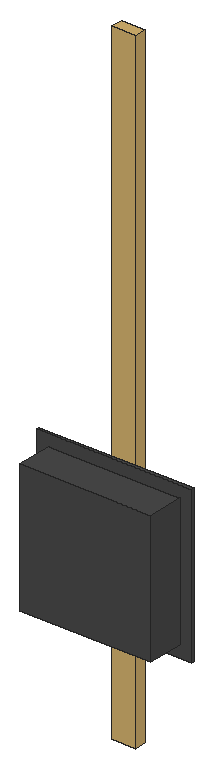
Revit family "3-50-xxxx - Zora Sconce", category Lighting Fixtures, host Wall, Revit 2018
Family settings
  Host = Wall
  Round Connector Dimension = Use Diameter
  Part Type = Normal
  OmniClass Number = 23.80.70.00
  OmniClass Title = Lighting
  Always vertical = Yes
  Cut with Voids When Loaded = No
  Light Source = Yes
  Shared = No
  Room Calculation Point = No
Parameters (values of type "3-50-1550 / Black - Indrustrial Brass")
  Wattage Comments = "1 x 12.5w at 120"  # constant formula
  Wattage = 9.2903 W
  built-in parameter 1150110 = 1 (stored number, unit not read)
  Voltage Input = "120 V or 277 V - 50/60 Hz"  # constant formula
  Voltage = 120 V
  URL = "www.oxygenlighting.com"
  built-in parameter 1114217 = 1 (stored number, unit not read)
  built-in parameter 1150109 = 1 (stored number, unit not read)
  built-in parameter 1150134 = (empty or 0)
  built-in parameter 1150113 = 1 (stored number, unit not read)
  References = "Ref. 3 = 120 V / Ref. 37 = 277 V"  # constant formula
  Model = "3-50-xxxx / Zora Sconce"  # constant formula
  Metal Finish 2 = 15 - Black
  Metal Finish 1 = 50 - Industrial Brass
  Manufacturer = "Oxygen - Lighting & Fans"  # constant formula
  Lumens = 1380 lm
  built-in parameter 1150115 = 1 (stored number, unit not read)
  built-in parameter 1150105 = 109.82 (stored number, unit not read)
  Light Source Symbol Size = 24"
  built-in parameter 1150137 = (empty or 0)
  built-in parameter 1150139 = (empty or 0)
  built-in parameter 1150112 = 1 (stored number, unit not read)
  built-in parameter 1150114 = 1 (stored number, unit not read)
  Lamp = "LED Array"  # constant formula
  built-in parameter 1150132 = 2
  built-in parameter 1150102 = (empty or 0)
  built-in parameter 1150138 = (empty or 0)
  built-in parameter 1150107 = 3000 (stored number, unit not read)
  built-in parameter 1150106 = 1.0982 (stored number, unit not read)
  built-in parameter 1150104 = 13.8 (stored number, unit not read)
  Dimming Lamp Color Temperature Shift = <None>
  Color Filter = 16777215
  built-in parameter 1114218 = 1 (stored number, unit not read)
  built-in parameter 1150133 = 10 (stored number, unit not read)
Types (2): name | Metal Finish 2
  3-50-650 / White - Indrustrial Brass | 6 - White
  3-50-1550 / Black - Indrustrial Brass | 15 - Black
Reference planes (in)
  plane 1: y = 0
  plane 2 "Light Source Axis (L/R)": x = 4.92126
  plane 3 "Light Source Axis (F/R)": y = 5.90551
  plane 4 "Light Source Elevation": z = 70.86614
  plane 5: y = 2.95276
  plane 6: y = 4.72069
Forms (in)
  Extrusion 1, solid, material "15 - Black" <- "Metal Finish 2"
    sketch origin (0, 5.90551, 0) x (1, 0, 0) y (0, 0, 1)
      loop
        line (7.48031, 73.4252) -> (2.3622, 73.4252) -> (2.3622, 68.30709) -> (7.48031, 68.30709) -> (7.48031, 73.4252)
    from 1.69664 to 1.77385
  Extrusion 2, solid, material "15 - Black" <- "Metal Finish 2"
    sketch origin (0, 5.90551, 0) x (1, 0, 0) y (0, 0, 1)
      loop
        line (7.08661, 73.0315) -> (2.75591, 73.0315) -> (2.75591, 68.70079) -> (7.08661, 68.70079) -> (7.08661, 73.0315)
    from 1.77385 to 2.95276
  Revolve 3, solid, material "50 - Industrial Brass" <- "Metal Finish 1"
    sketch origin (0, 0, 70.86614) x (1, 0, 0) y (0, 1, 0)
      loop
        line (5.90551, 5.15376) -> (4.92126, 5.15376) -> (4.92126, 4.20888) -> (5.64583, 4.20888) -> (5.64583, 4.28762) -> (5.90551, 4.28762) -> (5.90551, 5.15376)
      axis (4.92126, 5.15376) -> (4.92126, 4.20888)
    angle from 0 to 360
  Extrusion 4, solid, material "50 - Industrial Brass" <- "Metal Finish 1"
    sketch origin (75.7874, 0, 70.86614) x (0, 1, 0) y (-1, 0, 0)
      loop
        line (4.91659, 71.25745) -> (4.52479, 71.25745) -> (4.52479, 70.47484) -> (4.91659, 70.47484) -> (4.91659, 71.25745)
    from -6.02362 to 15.03937
  Extrusion 5, void
    sketch origin (73.88798, 6.04158, 70.86614) x (0, 1, 0) y (-1, 0, 0)
      loop
        line (-1.5168, 69.35803) -> (-1.5168, 68.57542) -> (-1.125, 68.57542) -> (-1.125, 69.35803) -> (-1.5168, 69.35803)
    from -2.16535 to 2.16535
Cuts and joins
  Extrusion 5 cuts Revolve 3
Text (in)
  text "Placement side" at (-70.3598, 43.96769, 0), in view "Ref. Level"
  text "Placement side" at (0, 83.08644, 117.56134), in view "Left"
  text "Placement side" at (0, 24.74324, 118.58137), in view "Right"
Dimensions and locks (in)
  equal spacing: Extrusion 1 sketch curve, plane 4 "Light Source Elevation", Extrusion 1 sketch curve
  locked: Extrusion 1 sketch curve to Extrusion 1 sketch curve at 5.11811  (x2)
  equal spacing: Extrusion 1 sketch curve, plane 2 "Light Source Axis (L/R)", Extrusion 1 sketch curve
  equal spacing: Extrusion 2 sketch curve, plane 2 "Light Source Axis (L/R)", Extrusion 2 sketch curve
  locked: Extrusion 2 sketch curve to Extrusion 2 sketch curve at 4.33071  (x2)
  equal spacing: Extrusion 2 sketch curve, plane 4 "Light Source Elevation", Extrusion 2 sketch curve
  locked: plane 5 to Extrusion 2 at 1.17891
  locked: Extrusion 1 to Extrusion 1 at 0.07721
  locked: Revolve 3 sketch curve to Extrusion 1 at 0.07874
  locked: Revolve 3 sketch curve to Revolve 3 sketch curve at 0.86614
  locked: Revolve 3 sketch curve to Revolve 3 sketch curve at 0.98425
  locked: Revolve 3 to plane 6 at 0.43307
  Extrusion 4 to plane 4 "Light Source Elevation" to Extrusion 4 = 6.02362" locked, 15.03937" locked
  equal spacing: Extrusion 4 sketch curve, plane 6, Extrusion 4 sketch curve
  Extrusion 4 sketch curve to Extrusion 4 sketch curve = 0.3918"
  equal spacing: Extrusion 4 sketch curve, plane 2 "Light Source Axis (L/R)", Extrusion 4 sketch curve
  locked: Extrusion 4 sketch curve to Extrusion 4 sketch curve at 0.78261
  Extrusion 4 to Extrusion 4 = 21.06299"
  aligned and locked: plane 1 to host wall
  aligned and locked: plane 2 "Light Source Axis (L/R)" to imposter light
  aligned and locked: plane 3 "Light Source Axis (F/R)" to imposter light
  aligned and locked: plane 4 "Light Source Elevation" to imposter light
  aligned and locked: plane 5 to host wall
  aligned and locked: plane 5 to Extrusion 2
  aligned and locked: Extrusion 1 to Extrusion 2
  aligned and locked: Extrusion 5 sketch curve to Extrusion 4  (x4)
Connectors (in)
  electrical at (4.92126, 2.95276, 70.86614), driven by "Voltage"
    settings: on Extrusion 2, index 1, voltage 120 V, apparent load 0 VA, apparent load phase1 0 VA, apparent load phase2 0 VA, apparent load phase3 0 VA, power factor 1, load classification "Other", number of poles 1, system type 31, power factor state 1, is connector primary yes, connector utility no, sub classification motor no, connector description ""
